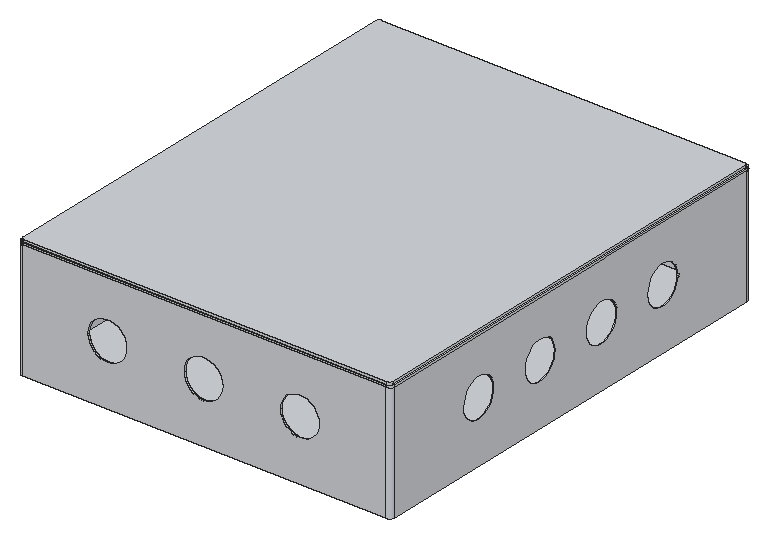
Revit family "Building-SurfaceMountingEnclosures-GEWISS-44CE-JUNCTION-BOXES-WALL-MOUNTING_14HOLES", category Apparecchi elettrici, host Superficie, Revit 2016
Family settings
  Host = Superficie
  Mantenere orientamento annotazione = Sì
  Tipo di parte = Normale
  Quota connettore circolare = Usa diametro
  Numero OmniClass = 23.80.30.14.24
  Titolo OmniClass = Junction Boxes
  Taglio con vuoti quando caricato = No
  Condiviso = No
  Punto di calcolo locali = Sì
Parameters (values of type "GW44061 - JUNCT.BOX GL.460X320X120 IP55 GWT960")
  Walls = "With cable glands"
  Voltaggio_x = 0 V
  Version file RFA = "18.0"
  VISTA DI PIANTA [instance] = yes
  URL = "https://www.gewiss.com/ww/en"
  Type of material = ""
  Torque screws tightening = "1,8NM"
  Thermo-pressure with ball = "85 °C"
  Technical sheet = "https://www.gewiss.com/ww/en/search?q=GW44061"
  Spostamento_x [instance] = 0 mm
  Spostamento_effettivo_x [instance] = 4000 mm - Spostamento_x  # 4000 mm
  Shock resistance = "IK08"
  SIMBOLO [instance] = yes
  SEO = "Box"
  Realized by GEWISS S.p.A. = ""
  Raggio = 20 mm
  Produttore = "GEWISS S.p.A."
  Operating temperature = "-25 +60 °C"
  Numero di poli = 3
  Material = "Technopolymer GWPLAST 75"
  Lid screws (no. and type) = "4 insul. sealable hinged"
  Lid = "Plain screwed"
  Internal dim. LxHxD (mm) = "460x380x120"
  Insulation class = "II (according to IEC 61140 standards)"
  Immagine tipo = GW44061.jpg
  Scatola = none
  Modello = "GW44061"
  IP degree = "IP55"
  IDT = "1bef6471-8e2d-4dfc-87b3-9fc971884851"
  IDF = "6a286b3a-0305-4d62-b647-096e34d300df"
  Glow Wire Test = "960°C"
  Entries No. holes / Ã˜ = "14 / 48"
  Electrocod = "02210"
  EAN code = "8011564243866"
  Distanza orizzontale simbolo [instance] = 0 mm
  Distanza dal muro [instance] = 0 mm
  Default Elevation = 1219.2 mm
  Lunghezza_interna = 380 mm
  Larghezza_interna = 460 mm
  Spessore = 120 mm
  Diametro ingresso corugato = 40 mm  # constant formula
  Descrizione = "JUNCT.BOX GL.460X320X120 IP55 GWT960"
  Coperchio = none
  Colour = "Grey RAL 7035"
  Classificazione = Other
  Catalogue Range = "44 CE"
  Catalogue = "BUILDING"
  Carico apparente = 0 VA
  CORNICE SIMBOLO [instance] = no
  COBie.Tagnumber = ""
  COBie.CreatedOn = ""
  COBie.CreatebBy = ""
  COBie.ComponentRegisterItemID = ""
  COBie.Component.TagNumber = ""
  COBie.Component.Space = ""
  COBie.Component.SerialNumber = ""
  COBie.Component.InstallationDate = ""
  COBie.Component.Description = ""
  COBie.Component.BarCode = ""
  Application = "Special uses"
  Accessories for insulation restoring = "GW44621"
Types (2, lengths in mm): name | Type of material | Technical sheet | Lid screws (no. and type) | Modello | IDT | Glow Wire Test | EAN code | Descrizione | Application
  GW44011 - JUNCTION BOX+C.GLANDS 460X380X120 IP55 | "Halogen-free in compliance with EN 60754-2" | "https://www.gewiss.com/ww/en/search?q=GW44011" | "6 insul. sealable hinged" | "GW44011" | "7a906bc1-c9de-426b-a39d-aac5153d0f97" | "650°C" | "8011564013766" | "JUNCTION BOX+C.GLANDS 460X380X120 IP55" | "Ordinary junctions"
  GW44061 - JUNCT.BOX GL.460X320X120 IP55 GWT960 | "" | "https://www.gewiss.com/ww/en/search?q=GW44061" | "4 insul. sealable hinged" | "GW44061" | "1bef6471-8e2d-4dfc-87b3-9fc971884851" | "960°C" | "8011564243866" | "JUNCT.BOX GL.460X320X120 IP55 GWT960" | "Special uses"
Reference planes
  plane 1 "Centro (Fronte/Retro)": y = 0
  plane 2 "base muro": z = 0
  plane 3 "Centro (Sinistra/Destra)": x = 0
  plane 4: x = -191.081
  plane 5: y = 231.081
  plane 6: x = 191.081
  plane 7: y = -231.081
  plane 8: y = 230
  plane 9: x = -190
  plane 10: y = -230
  plane 11: x = 190
  plane 12: y = 235.081
  plane 13: x = 195.081
  plane 14: y = -235.081
  plane 15: x = -195.081
  plane 16: z = 120
  plane 17: z = 1
  plane 18: z = 124
  plane 19: y = 39.333
  plane 20: y = -39.333
  plane 21: z = 62.5
  plane 22: x = 0
  plane 23: y = -118
  plane 24: y = 118
  plane 25: x = -98.763
  plane 26: x = 98.763
  plane 27: x = -4000
  plane 28: through (-1012.94, -373.614, 1219.2) normal (-0.891, 0.454, 0)
  plane 29: through (-1340.908, 787.715, 1219.2) normal (0.8192, 0.5736, 0)
Forms (mm)
  Extrusion 1, solid, material <- "Scatola"
    sketch origin (0, 0, 0) x (1, 0, 0) y (0, 1, 0)
      loop
        arc (-185.934, 231.081) -> (-189.573, 229.573) -> (-191.081, 225.934) r 5.147
        line (-191.081, 225.934) -> (-191.081, -225.934)
        arc (-191.081, -225.934) -> (-189.573, -229.573) -> (-185.934, -231.081) r 5.147
        line (-185.934, -231.081) -> (185.934, -231.081)
        arc (185.934, -231.081) -> (189.573, -229.573) -> (191.081, -225.934) r 5.147
        line (191.081, -225.934) -> (191.081, 225.934)
        arc (191.081, 225.934) -> (189.573, 229.573) -> (185.934, 231.081) r 5.147
        line (185.934, 231.081) -> (-185.934, 231.081)
      loop
        arc (-185.934, 230) -> (-188.809, 228.809) -> (-190, 225.934) r 4.066
        line (-190, 225.934) -> (-190, -225.934)
        arc (-190, -225.934) -> (-188.809, -228.809) -> (-185.934, -230) r 4.066
        line (-185.934, -230) -> (185.936, -230)
        arc (185.936, -230) -> (188.81, -228.809) -> (190.001, -225.935) r 4.065
        line (190.001, -225.935) -> (190.001, 225.934)
        arc (190.001, 225.934) -> (188.81, 228.809) -> (185.934, 230) r 4.066
        line (185.934, 230) -> (-185.934, 230)
    from 0 to 120
  Extrusion 2, solid, material <- "Scatola"
    sketch origin (0, 0, 0) x (1, 0, 0) y (0, 1, 0)
      loop
        arc (-185.934, 230) -> (-188.809, 228.809) -> (-190, 225.934) r 4.066
        line (-190, 225.934) -> (-190, -225.934)
        arc (-190, -225.934) -> (-188.809, -228.809) -> (-185.934, -230) r 4.066
        line (-185.934, -230) -> (185.936, -230)
        arc (185.936, -230) -> (188.81, -228.809) -> (190.001, -225.935) r 4.065
        line (190.001, -225.935) -> (190.001, 225.934)
        arc (190.001, 225.934) -> (188.81, 228.809) -> (185.934, 230) r 4.066
        line (185.934, 230) -> (-185.934, 230)
    from 0 to 1
  Extrusion 3, solid, material <- "Coperchio"
    sketch origin (0, 0, 0) x (1, 0, 0) y (0, 1, 0)
      loop
        line (-185.934, -231.081) -> (185.934, -231.081)
        arc (185.934, -231.081) -> (189.573, -229.573) -> (191.081, -225.934) r 5.147
        line (191.081, -225.934) -> (191.081, 225.934)
        arc (191.081, 225.934) -> (189.573, 229.573) -> (185.934, 231.081) r 5.147
        line (185.934, 231.081) -> (-185.934, 231.081)
        arc (-185.934, 231.081) -> (-189.573, 229.573) -> (-191.081, 225.934) r 5.147
        line (-191.081, 225.934) -> (-191.081, -225.934)
        arc (-191.081, -225.934) -> (-189.573, -229.573) -> (-185.934, -231.081) r 5.147
    from 120 to 124
  Sweep 4, void
    path in 3D
      loop
        arc (-191.081, -225.934, 124) -> (-189.573, -229.573, 124) -> (-185.934, -231.081, 124) r 5.147
        line (-185.934, -231.081, 124) -> (185.934, -231.081, 124)
        arc (185.934, -231.081, 124) -> (189.573, -229.573, 124) -> (191.081, -225.934, 124) r 5.147
        line (191.081, -225.934, 124) -> (191.081, 225.934, 124)
        arc (191.081, 225.934, 124) -> (189.573, 229.573, 124) -> (185.934, 231.081, 124) r 5.147
        line (185.934, 231.081, 124) -> (-185.934, 231.081, 124)
        arc (-185.934, 231.081, 124) -> (-189.573, 229.573, 124) -> (-191.081, 225.934, 124) r 5.147
        line (-191.081, 225.934, 124) -> (-191.081, -225.934, 124)
    profile origin (-191.081, 0, 124) x (1, 0, 0) y (0, 0, 1)
      loop
        line (0, 0) -> (0, -2.128) -> (1.706, -2.128) -> (1.706, 0) -> (0, 0)
  Extrusion 5, void
    sketch origin (0, 0, 0) x (0, 1, 0) y (0, 0, 1)
      loop
        circle (-39.333, 62.5) r 20
      loop
        circle (39.333, 62.5) r 20
      loop
        circle (118, 62.5) r 20
      loop
        circle (-118, 62.5) r 20
    from -191.081 to 191.081
  Extrusion 6, void
    sketch origin (0, 0, 0) x (1, 0, 0) y (0, 0, 1)
      loop
        circle (-98.763, 62.5) r 20
      loop
        circle (98.763, 62.5) r 20
      loop
        circle (0, 62.5) r 20
    from -235.081 to 235.081
Cuts and joins
  Sweep 4 cuts Extrusion 3
  Extrusion 5, Extrusion 6 cuts Extrusion 1
Lines and regions (mm)
  Masking region 1, visible <- "VISTA DI PIANTA"
    outline origin (0, 0, 0) x (1, 0, 0) y (0, 0, 1)
      loop
        line (-191.081, 124) -> (-191.081, 0) -> (191.081, 0) -> (191.081, 124) -> (-191.081, 124)
  Masking region 2
    outline origin (0, 0, 0) x (0, 1, 0) y (0, 0, 1)
      loop
        line (-231.081, 0) -> (231.081, 0) -> (231.081, 124) -> (-231.081, 124) -> (-231.081, 0)
  Masking region 3
    outline origin (0, 0, 0) x (0, 1, 0) y (0, 0, 1)
      loop
        circle (-118, 62.5) r 20
      loop
        circle (-39.333, 62.5) r 20
      loop
        circle (39.333, 62.5) r 20
      loop
        circle (118, 62.5) r 20
  sketch lines
    curve 1: line (-191.081, 225.934, 124) -> (-191.081, -225.934, 124)
    curve 2: arc (-185.934, -231.081, 124) -> (-189.573, -229.573, 124) -> (-191.081, -225.934, 124) r 5.147
    curve 3: line (-185.934, -231.081, 124) -> (185.934, -231.081, 124)
    curve 4: arc (191.081, -225.934, 124) -> (189.573, -229.573, 124) -> (185.934, -231.081, 124) r 5.147
    curve 5: line (191.081, -225.934, 124) -> (191.081, 225.934, 124)
    curve 6: arc (185.934, 231.081, 124) -> (189.573, 229.573, 124) -> (191.081, 225.934, 124) r 5.147
    curve 7: line (185.934, 231.081, 124) -> (-185.934, 231.081, 124)
    curve 8: arc (-191.081, 225.934, 124) -> (-189.573, 229.573, 124) -> (-185.934, 231.081, 124) r 5.147
Dimensions and locks
  locked: plane 4 to plane 9 at 1.081
  locked: plane 5 to plane 8 at 1.081
  locked: plane 10 to plane 7 at 1.081
  locked: plane 11 to plane 6 at 1.081
  locked: plane 7 to plane 14 at 4
  locked: plane 15 to plane 4 at 4
  locked: plane 6 to plane 13 at 4
  locked: plane 12 to plane 5 at 4
  equal spacing: plane 9, plane 3 "Centro (Sinistra/Destra)", plane 11
  "Lunghezza_interna": plane 9 to plane 11
  equal spacing: plane 8, plane 1 "Centro (Fronte/Retro)", plane 10
  "Larghezza_interna": plane 8 to plane 10
  "Spessore": plane 16 to host face
  locked: plane 18 to plane 16 at 4
  equal spacing: plane 18, plane 21, plane 17
  equal spacing: plane 23, plane 20, plane 19, plane 24
  equal spacing: plane 23, plane 1 "Centro (Fronte/Retro)", plane 24
  equal spacing: plane 26, plane 3 "Centro (Sinistra/Destra)", plane 25
  plane 27 to plane 3 "Centro (Sinistra/Destra)" = 4000 mm
  "Spostamento_effettivo_x": plane 27 to plane 22
  "Raggio": radius of Extrusion 5 sketch curve  (x4)
  "Raggio": radius of Extrusion 6 sketch curve  (x3)
  angle plane 28 to plane 29 = 62.00°
  angle plane 27 to plane 29 = 35.00°
  angle plane 28 to plane 27 = 27.00°
  angle plane 3 "Centro (Sinistra/Destra)" to plane 29 = 35.00°
  aligned and locked: plane 2 "base muro" to host face
  aligned and locked: level to host face
  aligned and locked: Extrusion 1 sketch curve to plane 5
  aligned and locked: Extrusion 1 sketch curve to plane 4
  aligned and locked: Extrusion 1 sketch curve to plane 7
  aligned and locked: Extrusion 1 sketch curve to plane 6
  aligned and locked: Extrusion 1 sketch curve to plane 8
  aligned and locked: Extrusion 1 sketch curve to plane 9
  aligned and locked: Extrusion 1 sketch curve to plane 10
  aligned and locked: Extrusion 2 sketch curve to Extrusion 1  (x4)
  aligned and locked: plane 17 to Extrusion 2
  aligned and locked: Extrusion 3 sketch curve to Extrusion 1  (x4)
  aligned and locked: Extrusion 3 to plane 16
  aligned and locked: plane 18 to Extrusion 3
  aligned and locked: plane 21 to Extrusion 5 sketch curve  (x3)
  aligned and locked: plane 20 to Extrusion 5 sketch curve
  aligned and locked: plane 19 to Extrusion 5 sketch curve
  aligned and locked: Extrusion 5 to plane 4
  aligned and locked: Extrusion 5 to plane 6
  aligned and locked: plane 21 to Extrusion 6 sketch curve  (x2)
  aligned and locked: Extrusion 6 to plane 12
  aligned and locked: Extrusion 6 to plane 14
  aligned and locked: Masking region 1 sketch curve to plane 18
  aligned and locked: Masking region 1 sketch curve to cut or joined group of Extrusion 1, Extrusion 5, Extrusion 6  (x2)
  aligned and locked: Masking region 1 sketch curve to plane 4
  aligned and locked: Masking region 2 sketch curve to cut or joined group of Extrusion 1, Extrusion 5, Extrusion 6  (x2)
  aligned and locked: plane 18 to Masking region 2 sketch curve
  aligned and locked: plane 5 to Masking region 2 sketch curve
  aligned and locked: plane 22 to nested 2
  aligned and locked: plane 24 to Extrusion 5 sketch curve
  aligned and locked: plane 23 to Extrusion 5 sketch curve
  aligned and locked: Masking region 3 sketch curve to cut or joined group of Extrusion 1, Extrusion 5, Extrusion 6  (x8)
  aligned and locked: plane 3 "Centro (Sinistra/Destra)" to Extrusion 6 sketch curve
  aligned and locked: plane 25 to Extrusion 6 sketch curve
  aligned and locked: plane 26 to Extrusion 6 sketch curve
Automatic sketch dimensions
  host sketch curve to host sketch curve = 2438.4 mm  (x2)
  Extrusion 1 sketch curve to plane 4 = 5.147 mm  (x2)
  plane 6 to Extrusion 1 sketch curve = 5.147 mm
  Extrusion 1 sketch curve to plane 5 = 5.147 mm
  Extrusion 1 sketch curve to Extrusion 1 sketch curve = 0 mm  (x2)
  Extrusion 1 sketch curve to Extrusion 1 sketch curve = 0.001 mm  (x2)
  Extrusion 1 sketch curve to plane 8 = 4.066 mm
  plane 9 to Extrusion 2 sketch curve = 4.066 mm
  Extrusion 2 sketch curve to plane 11 = 4.066 mm
  plane 10 to Extrusion 2 sketch curve = 4.066 mm
  Extrusion 2 sketch curve to plane 11 = 4.064 mm
  plane 9 to Extrusion 3 sketch curve = 4.066 mm
  Extrusion 3 sketch curve to plane 11 = 4.066 mm
  Extrusion 3 sketch curve to plane 8 = 4.066 mm  (x2)
  profile plane to Sweep 4 sketch curve = 0 mm
  Sweep 4 sketch curve to profile plane = 0 mm
  Sweep 4 sketch curve to Sweep 4 sketch curve = 1.706 mm
  Sweep 4 sketch curve to profile plane = 2.128 mm
  Extrusion 5 sketch curve to plane 21 = 0 mm
  Extrusion 6 sketch curve to plane 21 = 0 mm
Nested families
  nested 1: "Elemento di dettaglio - 44CE-14IN" at (0, 0, 0), type "Elemento di dettaglio - 44CE-14IN"
  nested 2: "CASSDERIVAZPARPASS" at (0, -1.1, 0), Distanza dal muro <- "Distanza dal muro", BORDO ACCESO <- "CORNICE SIMBOLO", SIMBOLO ACCESO <- "SIMBOLO", type "CASSETTA"
    with SIMBOLO ACCESO yes, Distanza dal muro 0 mm, BORDO ACCESO no
Connectors
  electrical at (0, 0, 0), driven by "Classificazione", driven by "Voltaggio_x", driven by "Carico apparente", driven by "Numero di poli"
    settings: on Extrusion 1, index 1, voltage 0 V, apparent load 0 VA, apparent load phase1 0 VA, apparent load phase2 0 VA, apparent load phase3 0 VA, power factor 1, load classification "Other", number of poles 3, system type 31, power factor state 1, is connector primary yes, connector utility no, sub classification motor no, connector description ""
  cabletrayconduit at (191.081, 39.333, 62.5), diameter 40, driven by "Diametro ingresso corugato"
    settings: on cut or joined group of Extrusion 1, Extrusion 5, Extrusion 6, index 33, connector width 300 mm, connector height 300 mm, connector angle 0.00°, system type 32, placement type 0, profile type 0, connector reference index -1, is primary connector yes, connector utility param no, connector description ""
  cabletrayconduit at (191.081, -118, 62.5), diameter 40, driven by "Diametro ingresso corugato"
    settings: on cut or joined group of Extrusion 1, Extrusion 5, Extrusion 6, index 34, connector width 300 mm, connector height 300 mm, connector angle 0.00°, system type 32, placement type 0, profile type 0, connector reference index -1, is primary connector no, connector utility param no, connector description ""
  cabletrayconduit at (191.081, -39.333, 62.5), diameter 40, driven by "Diametro ingresso corugato"
    settings: on cut or joined group of Extrusion 1, Extrusion 5, Extrusion 6, index 35, connector width 300 mm, connector height 300 mm, connector angle 0.00°, system type 32, placement type 0, profile type 0, connector reference index -1, is primary connector no, connector utility param no, connector description ""
  cabletrayconduit at (191.081, 39.333, 62.5), diameter 40, driven by "Diametro ingresso corugato"
    settings: on cut or joined group of Extrusion 1, Extrusion 5, Extrusion 6, index 36, connector width 300 mm, connector height 300 mm, connector angle 0.00°, system type 32, placement type 0, profile type 0, connector reference index -1, is primary connector no, connector utility param no, connector description ""
  cabletrayconduit at (191.081, 118, 62.5), diameter 40, driven by "Diametro ingresso corugato"
    settings: on cut or joined group of Extrusion 1, Extrusion 5, Extrusion 6, index 37, connector width 300 mm, connector height 300 mm, connector angle 0.00°, system type 32, placement type 0, profile type 0, connector reference index -1, is primary connector no, connector utility param no, connector description ""
  cabletrayconduit at (98.763, 231.081, 62.5), diameter 40, driven by "Diametro ingresso corugato"
    settings: on cut or joined group of Extrusion 1, Extrusion 5, Extrusion 6, index 38, connector width 300 mm, connector height 300 mm, connector angle 0.00°, system type 32, placement type 0, profile type 0, connector reference index -1, is primary connector no, connector utility param no, connector description ""
  cabletrayconduit at (0, 231.081, 62.5), diameter 40, driven by "Diametro ingresso corugato"
    settings: on cut or joined group of Extrusion 1, Extrusion 5, Extrusion 6, index 39, connector width 300 mm, connector height 300 mm, connector angle 0.00°, system type 32, placement type 0, profile type 0, connector reference index -1, is primary connector no, connector utility param no, connector description ""
  cabletrayconduit at (-98.763, 231.081, 62.5), diameter 40, driven by "Diametro ingresso corugato"
    settings: on cut or joined group of Extrusion 1, Extrusion 5, Extrusion 6, index 40, connector width 300 mm, connector height 300 mm, connector angle 0.00°, system type 32, placement type 0, profile type 0, connector reference index -1, is primary connector no, connector utility param no, connector description ""
  cabletrayconduit at (-191.081, -118, 62.5), diameter 40, driven by "Diametro ingresso corugato"
    settings: on cut or joined group of Extrusion 1, Extrusion 5, Extrusion 6, index 41, connector width 300 mm, connector height 300 mm, connector angle 0.00°, system type 32, placement type 0, profile type 0, connector reference index -1, is primary connector no, connector utility param no, connector description ""
  cabletrayconduit at (-191.081, -39.333, 62.5), diameter 40, driven by "Diametro ingresso corugato"
    settings: on cut or joined group of Extrusion 1, Extrusion 5, Extrusion 6, index 42, connector width 300 mm, connector height 300 mm, connector angle 0.00°, system type 32, placement type 0, profile type 0, connector reference index -1, is primary connector no, connector utility param no, connector description ""
  cabletrayconduit at (-191.081, 39.333, 62.5), diameter 40, driven by "Diametro ingresso corugato"
    settings: on cut or joined group of Extrusion 1, Extrusion 5, Extrusion 6, index 43, connector width 300 mm, connector height 300 mm, connector angle 0.00°, system type 32, placement type 0, profile type 0, connector reference index -1, is primary connector no, connector utility param no, connector description ""
  cabletrayconduit at (-191.081, 118, 62.5), diameter 40, driven by "Diametro ingresso corugato"
    settings: on cut or joined group of Extrusion 1, Extrusion 5, Extrusion 6, index 44, connector width 300 mm, connector height 300 mm, connector angle 0.00°, system type 32, placement type 0, profile type 0, connector reference index -1, is primary connector no, connector utility param no, connector description ""
  cabletrayconduit at (0, -231.081, 62.5), diameter 40, driven by "Diametro ingresso corugato"
    settings: on cut or joined group of Extrusion 1, Extrusion 5, Extrusion 6, index 45, connector width 300 mm, connector height 300 mm, connector angle 0.00°, system type 32, placement type 0, profile type 0, connector reference index -1, is primary connector no, connector utility param no, connector description ""
  cabletrayconduit at (98.763, -231.081, 62.5), diameter 40, driven by "Diametro ingresso corugato"
    settings: on cut or joined group of Extrusion 1, Extrusion 5, Extrusion 6, index 46, connector width 300 mm, connector height 300 mm, connector angle 0.00°, system type 32, placement type 0, profile type 0, connector reference index -1, is primary connector no, connector utility param no, connector description ""
  cabletrayconduit at (-98.763, -231.081, 62.5), diameter 40, driven by "Diametro ingresso corugato"
    settings: on cut or joined group of Extrusion 1, Extrusion 5, Extrusion 6, index 47, connector width 300 mm, connector height 300 mm, connector angle 0.00°, system type 32, placement type 0, profile type 0, connector reference index -1, is primary connector no, connector utility param no, connector description ""
Definition of nested family "Elemento di dettaglio - 44CE-14IN"
  Reference planes
    plane 1 "Centro (Fronte/Retro)": y = 0
    plane 2: z = 0
    plane 3 "Centro (Sinistra/Destra)": x = 0
  Lines and regions (mm)
    detail lines, in view "Livello rif."
      curve 1: arc (198.537, 227.781, 0) -> (195.679, 234.679, 0) -> (188.781, 237.537, 0) r 9.756
      curve 2: arc (-188.781, 237.537, 0) -> (-195.679, 234.679, 0) -> (-198.537, 227.781, 0) r 9.756
      curve 3: arc (188.781, -237.591, 0) -> (195.679, -234.733, 0) -> (198.537, -227.835, 0) r 9.756
      curve 5: arc (-198.537, -227.835, 0) -> (-195.679, -234.733, 0) -> (-188.781, -237.591, 0) r 9.756
      curve 39: line (-188.781, -237.591, 0) -> (188.781, -237.591, 0)
      curve 60: line (198.537, 227.781, 0) -> (198.537, -227.835, 0)
      curve 62: line (-198.537, 227.781, 0) -> (-198.537, -227.835, 0)
      curve 72: line (-188.781, 237.537, 0) -> (188.781, 237.537, 0)
    detail lines, in view "Livello rif.", detail levels medium+fine
      curve 4: arc (188.781, -234.176, 0) -> (193.265, -232.319, 0) -> (195.122, -227.835, 0) r 6.341
      curve 6: arc (-195.122, -227.835, 0) -> (-193.265, -232.319, 0) -> (-188.781, -234.176, 0) r 6.341
      curve 24: arc (-188.781, 234.122, 0) -> (-193.265, 232.265, 0) -> (-195.122, 227.781, 0) r 6.341
      curve 26: arc (195.122, 227.781, 0) -> (193.265, 232.265, 0) -> (188.781, 234.122, 0) r 6.341
      curve 40: line (-188.781, -234.176, 0) -> (188.781, -234.176, 0)
      curve 61: line (195.122, 227.781, 0) -> (195.122, -227.835, 0)
      curve 63: line (-195.122, 227.781, 0) -> (-195.122, -227.835, 0)
      curve 73: line (-188.781, 234.122, 0) -> (188.781, 234.122, 0)
    detail lines, in view "Livello rif.", detail levels fine
      curve 7: arc (-167.073, -240.013, 0) -> (-166.173, -242.179, 0) -> (-164.007, -243.079, 0) r 3.073
      curve 8: arc (-36.007, -243.079, 0) -> (-33.83, -242.181, 0) -> (-32.927, -240.005, 0) r 3.073
      curve 9: arc (-67.073, -240.013, 0) -> (-66.173, -242.179, 0) -> (-64.007, -243.079, 0) r 3.073
      curve 10: arc (-136.007, -243.079, 0) -> (-133.83, -242.181, 0) -> (-132.927, -240.005, 0) r 3.073
      curve 11: arc (132.927, -240.013, 0) -> (133.827, -242.179, 0) -> (135.993, -243.079, 0) r 3.073
      curve 12: arc (163.993, -243.079, 0) -> (166.17, -242.181, 0) -> (167.073, -240.005, 0) r 3.073
      curve 13: arc (-204.025, -85.007, 0) -> (-203.125, -87.173, 0) -> (-200.959, -88.073, 0) r 3.073
      curve 14: arc (-200.952, -53.927, 0) -> (-203.127, -54.83, 0) -> (-204.025, -57.007, 0) r 3.073
      curve 15: arc (-204.024, -14.007, 0) -> (-203.124, -16.173, 0) -> (-200.959, -17.073, 0) r 3.073
      curve 16: arc (-200.951, 17.073, 0) -> (-203.127, 16.17, 0) -> (-204.024, 13.993, 0) r 3.073
      curve 17: arc (-204.024, 56.993, 0) -> (-203.122, 54.824, 0) -> (-200.951, 53.927, 0) r 3.073
      curve 18: arc (-200.944, 88.073, 0) -> (-203.124, 87.173, 0) -> (-204.024, 84.993, 0) r 3.073
      curve 19: arc (200.945, -88.073, 0) -> (203.123, -87.176, 0) -> (204.025, -85, 0) r 3.073
      curve 20: arc (204.025, -57, 0) -> (203.125, -54.827, 0) -> (200.952, -53.927, 0) r 3.073
      curve 21: arc (200.944, -17.073, 0) -> (203.122, -16.176, 0) -> (204.024, -14, 0) r 3.073
      curve 22: arc (204.024, 14, 0) -> (203.124, 16.173, 0) -> (200.951, 17.073, 0) r 3.073
      curve 23: arc (200.951, 53.927, 0) -> (203.124, 54.827, 0) -> (204.024, 57, 0) r 3.073
      curve 25: arc (204.024, 85, 0) -> (203.127, 87.17, 0) -> (200.959, 88.073, 0) r 3.073
      curve 27: arc (-169.78, 243.024, 0) -> (-171.956, 242.122, 0) -> (-172.853, 239.944, 0) r 3.073
      curve 28: arc (-32.927, 239.951, 0) -> (-33.827, 242.124, 0) -> (-36, 243.024, 0) r 3.073
      curve 29: arc (-138.707, 239.951, 0) -> (-139.607, 242.124, 0) -> (-141.78, 243.024, 0) r 3.073
      curve 30: arc (-64, 243.024, 0) -> (-66.176, 242.122, 0) -> (-67.073, 239.944, 0) r 3.073
      curve 31: arc (143.02, 243.024, 0) -> (140.844, 242.122, 0) -> (139.946, 239.944, 0) r 3.073
      curve 32: arc (174.093, 239.951, 0) -> (173.192, 242.124, 0) -> (171.019, 243.024, 0) r 3.073
      curve 33: line (174.093, 239.951, 0) -> (174.093, 237.537, 0)
      curve 34: line (139.946, 239.944, 0) -> (139.946, 237.537, 0)
      curve 35: line (-32.927, 239.951, 0) -> (-32.927, 237.537, 0)
      curve 36: line (-172.853, 239.944, 0) -> (-172.853, 237.537, 0)
      curve 37: line (-138.707, 239.951, 0) -> (-138.707, 237.537, 0)
      curve 38: line (-67.073, 239.944, 0) -> (-67.073, 237.537, 0)
      curve 41: line (-136.007, -243.079, 0) -> (-164.007, -243.079, 0)
      curve 42: line (-167.073, -240.013, 0) -> (-167.073, -237.591, 0)
      curve 43: line (-67.073, -240.013, 0) -> (-67.073, -237.591, 0)
      curve 44: line (-67.073, -237.591, 0) -> (-68.223, -237.591, 0)
      curve 45: line (-64.007, -243.079, 0) -> (-36.007, -243.079, 0)
      curve 46: line (-132.927, -240.005, 0) -> (-132.927, -237.591, 0)
      curve 47: line (-32.928, -239.828, 0) -> (-32.928, -237.413, 0)
      curve 48: line (135.993, -243.079, 0) -> (163.993, -243.079, 0)
      curve 49: line (132.927, -240.013, 0) -> (132.927, -237.591, 0)
      curve 50: line (167.073, -240.005, 0) -> (167.073, -237.591, 0)
      curve 51: line (-200.944, 88.073, 0) -> (-198.537, 88.073, 0)
      curve 52: line (-200.951, 53.927, 0) -> (-198.537, 53.927, 0)
      curve 53: line (-200.951, 17.073, 0) -> (-198.537, 17.073, 0)
      curve 54: line (-200.959, -17.073, 0) -> (-198.537, -17.073, 0)
      curve 55: line (-200.952, -53.927, 0) -> (-198.537, -53.927, 0)
      curve 56: line (-200.959, -88.073, 0) -> (-198.537, -88.073, 0)
      curve 57: line (-204.024, 13.993, 0) -> (-204.024, -14.007, 0)
      curve 58: line (-204.025, -57.007, 0) -> (-204.025, -85.007, 0)
      curve 59: line (-204.024, 56.993, 0) -> (-204.024, 84.993, 0)
      curve 64: line (204.024, 14, 0) -> (204.024, -14, 0)
      curve 65: line (204.025, -57, 0) -> (204.025, -85, 0)
      curve 66: line (200.945, -88.073, 0) -> (198.538, -88.073, 0)
      curve 67: line (200.952, -53.927, 0) -> (198.538, -53.927, 0)
      curve 68: line (200.944, -17.073, 0) -> (198.537, -17.073, 0)
      curve 69: line (204.024, 57, 0) -> (204.024, 85, 0)
      curve 70: line (200.951, 17.073, 0) -> (198.537, 17.073, 0)
      curve 71: line (200.951, 53.927, 0) -> (198.537, 53.927, 0)
      curve 74: line (198.537, 88.073, 0) -> (200.959, 88.073, 0)
      curve 75: line (200.959, 88.073, 0) -> (198.537, 88.073, 0)
      curve 76: line (-141.78, 243.024, 0) -> (-169.78, 243.024, 0)
      curve 77: line (-64, 243.024, 0) -> (-36, 243.024, 0)
      curve 78: line (143.02, 243.024, 0) -> (171.019, 243.024, 0)
      curve 157: arc (36.007, -243.079, 0) -> (33.83, -242.181, 0) -> (32.927, -240.005, 0) r 3.073
      curve 158: arc (67.073, -240.013, 0) -> (66.173, -242.179, 0) -> (64.007, -243.079, 0) r 3.073
      curve 159: arc (32.927, 239.951, 0) -> (33.827, 242.124, 0) -> (36, 243.024, 0) r 3.073
      curve 160: arc (64, 243.024, 0) -> (66.176, 242.122, 0) -> (67.073, 239.944, 0) r 3.073
      curve 161: line (32.927, 239.951, 0) -> (32.927, 237.537, 0)
      curve 162: line (67.073, 239.944, 0) -> (67.073, 237.537, 0)
      curve 163: line (67.073, -240.013, 0) -> (67.073, -237.591, 0)
      curve 164: line (67.073, -237.591, 0) -> (68.223, -237.591, 0)
      curve 165: line (64.007, -243.079, 0) -> (36.007, -243.079, 0)
      curve 166: line (32.928, -239.828, 0) -> (32.928, -237.413, 0)
      curve 167: line (64, 243.024, 0) -> (36, 243.024, 0)
    detail lines, in view "Livello rif.", not visible
      curve 79: arc (198.537, 227.781, 0) -> (195.679, 234.679, 0) -> (188.781, 237.537, 0) r 9.756
      curve 80: arc (-188.781, 237.537, 0) -> (-195.679, 234.679, 0) -> (-198.537, 227.781, 0) r 9.756
      curve 81: arc (188.781, -237.591, 0) -> (195.679, -234.733, 0) -> (198.537, -227.835, 0) r 9.756
      curve 83: arc (-198.537, -227.835, 0) -> (-195.679, -234.733, 0) -> (-188.781, -237.591, 0) r 9.756
      curve 117: line (-188.781, -237.591, 0) -> (188.781, -237.591, 0)
      curve 138: line (198.537, 227.781, 0) -> (198.537, -227.835, 0)
      curve 140: line (-198.537, 227.781, 0) -> (-198.537, -227.835, 0)
      curve 150: line (-188.781, 237.537, 0) -> (188.781, 237.537, 0)
    detail lines, in view "Livello rif.", not visible, detail levels medium+fine
      curve 82: arc (188.781, -234.176, 0) -> (193.265, -232.319, 0) -> (195.122, -227.835, 0) r 6.341
      curve 84: arc (-195.122, -227.835, 0) -> (-193.265, -232.319, 0) -> (-188.781, -234.176, 0) r 6.341
      curve 102: arc (-188.781, 234.122, 0) -> (-193.265, 232.265, 0) -> (-195.122, 227.781, 0) r 6.341
      curve 104: arc (195.122, 227.781, 0) -> (193.265, 232.265, 0) -> (188.781, 234.122, 0) r 6.341
      curve 118: line (-188.781, -234.176, 0) -> (188.781, -234.176, 0)
      curve 139: line (195.122, 227.781, 0) -> (195.122, -227.835, 0)
      curve 141: line (-195.122, 227.781, 0) -> (-195.122, -227.835, 0)
      curve 151: line (-188.781, 234.122, 0) -> (188.781, 234.122, 0)
    detail lines, in view "Livello rif.", not visible, detail levels fine
      curve 85: arc (-167.073, -240.013, 0) -> (-166.173, -242.179, 0) -> (-164.007, -243.079, 0) r 3.073
      curve 86: arc (-36.007, -243.079, 0) -> (-33.83, -242.181, 0) -> (-32.927, -240.005, 0) r 3.073
      curve 87: arc (-67.073, -240.013, 0) -> (-66.173, -242.179, 0) -> (-64.007, -243.079, 0) r 3.073
      curve 88: arc (-136.007, -243.079, 0) -> (-133.83, -242.181, 0) -> (-132.927, -240.005, 0) r 3.073
      curve 89: arc (132.927, -240.013, 0) -> (133.827, -242.179, 0) -> (135.993, -243.079, 0) r 3.073
      curve 90: arc (163.993, -243.079, 0) -> (166.17, -242.181, 0) -> (167.073, -240.005, 0) r 3.073
      curve 91: arc (-204.025, -85.007, 0) -> (-203.125, -87.173, 0) -> (-200.959, -88.073, 0) r 3.073
      curve 92: arc (-200.952, -53.927, 0) -> (-203.127, -54.83, 0) -> (-204.025, -57.007, 0) r 3.073
      curve 93: arc (-204.024, -14.007, 0) -> (-203.124, -16.173, 0) -> (-200.959, -17.073, 0) r 3.073
      curve 94: arc (-200.951, 17.073, 0) -> (-203.127, 16.17, 0) -> (-204.024, 13.993, 0) r 3.073
      curve 95: arc (-204.024, 56.993, 0) -> (-203.122, 54.824, 0) -> (-200.951, 53.927, 0) r 3.073
      curve 96: arc (-200.944, 88.073, 0) -> (-203.124, 87.173, 0) -> (-204.024, 84.993, 0) r 3.073
      curve 97: arc (200.945, -88.073, 0) -> (203.123, -87.176, 0) -> (204.025, -85, 0) r 3.073
      curve 98: arc (204.025, -57, 0) -> (203.125, -54.827, 0) -> (200.952, -53.927, 0) r 3.073
      curve 99: arc (200.944, -17.073, 0) -> (203.122, -16.176, 0) -> (204.024, -14, 0) r 3.073
      curve 100: arc (204.024, 14, 0) -> (203.124, 16.173, 0) -> (200.951, 17.073, 0) r 3.073
      curve 101: arc (200.951, 53.927, 0) -> (203.124, 54.827, 0) -> (204.024, 57, 0) r 3.073
      curve 103: arc (204.024, 85, 0) -> (203.127, 87.17, 0) -> (200.959, 88.073, 0) r 3.073
      curve 105: arc (-169.78, 243.024, 0) -> (-171.956, 242.122, 0) -> (-172.853, 239.944, 0) r 3.073
      curve 106: arc (-32.927, 239.951, 0) -> (-33.827, 242.124, 0) -> (-36, 243.024, 0) r 3.073
      curve 107: arc (-138.707, 239.951, 0) -> (-139.607, 242.124, 0) -> (-141.78, 243.024, 0) r 3.073
      curve 108: arc (-64, 243.024, 0) -> (-66.176, 242.122, 0) -> (-67.073, 239.944, 0) r 3.073
      curve 109: arc (143.02, 243.024, 0) -> (140.844, 242.122, 0) -> (139.946, 239.944, 0) r 3.073
      curve 110: arc (174.093, 239.951, 0) -> (173.192, 242.124, 0) -> (171.019, 243.024, 0) r 3.073
      curve 111: line (174.093, 239.951, 0) -> (174.093, 237.537, 0)
      curve 112: line (139.946, 239.944, 0) -> (139.946, 237.537, 0)
      curve 113: line (-32.927, 239.951, 0) -> (-32.927, 237.537, 0)
      curve 114: line (-172.853, 239.944, 0) -> (-172.853, 237.537, 0)
      curve 115: line (-138.707, 239.951, 0) -> (-138.707, 237.537, 0)
      curve 116: line (-67.073, 239.944, 0) -> (-67.073, 237.537, 0)
      curve 119: line (-136.007, -243.079, 0) -> (-164.007, -243.079, 0)
      curve 120: line (-167.073, -240.013, 0) -> (-167.073, -237.591, 0)
      curve 121: line (-67.073, -240.013, 0) -> (-67.073, -237.591, 0)
      curve 122: line (-67.073, -237.591, 0) -> (-68.223, -237.591, 0)
      curve 123: line (-64.007, -243.079, 0) -> (-36.007, -243.079, 0)
      curve 124: line (-132.927, -240.005, 0) -> (-132.927, -237.591, 0)
      curve 125: line (-32.928, -239.828, 0) -> (-32.928, -237.413, 0)
      curve 126: line (135.993, -243.079, 0) -> (163.993, -243.079, 0)
      curve 127: line (132.927, -240.013, 0) -> (132.927, -237.591, 0)
      curve 128: line (167.073, -240.005, 0) -> (167.073, -237.591, 0)
      curve 129: line (-200.944, 88.073, 0) -> (-198.537, 88.073, 0)
      curve 130: line (-200.951, 53.927, 0) -> (-198.537, 53.927, 0)
      curve 131: line (-200.951, 17.073, 0) -> (-198.537, 17.073, 0)
      curve 132: line (-200.959, -17.073, 0) -> (-198.537, -17.073, 0)
      curve 133: line (-200.952, -53.927, 0) -> (-198.537, -53.927, 0)
      curve 134: line (-200.959, -88.073, 0) -> (-198.537, -88.073, 0)
      curve 135: line (-204.024, 13.993, 0) -> (-204.024, -14.007, 0)
      curve 136: line (-204.025, -57.007, 0) -> (-204.025, -85.007, 0)
      curve 137: line (-204.024, 56.993, 0) -> (-204.024, 84.993, 0)
      curve 142: line (204.024, 14, 0) -> (204.024, -14, 0)
      curve 143: line (204.025, -57, 0) -> (204.025, -85, 0)
      curve 144: line (200.945, -88.073, 0) -> (198.538, -88.073, 0)
      curve 145: line (200.952, -53.927, 0) -> (198.538, -53.927, 0)
      curve 146: line (200.944, -17.073, 0) -> (198.537, -17.073, 0)
      curve 147: line (204.024, 57, 0) -> (204.024, 85, 0)
      curve 148: line (200.951, 17.073, 0) -> (198.537, 17.073, 0)
      curve 149: line (200.951, 53.927, 0) -> (198.537, 53.927, 0)
      curve 152: line (198.537, 88.073, 0) -> (200.959, 88.073, 0)
      curve 153: line (200.959, 88.073, 0) -> (198.537, 88.073, 0)
      curve 154: line (-141.78, 243.024, 0) -> (-169.78, 243.024, 0)
      curve 155: line (-64, 243.024, 0) -> (-36, 243.024, 0)
      curve 156: line (143.02, 243.024, 0) -> (171.019, 243.024, 0)
      curve 168: arc (36.007, -243.079, 0) -> (33.83, -242.181, 0) -> (32.927, -240.005, 0) r 3.073
      curve 169: arc (67.073, -240.013, 0) -> (66.173, -242.179, 0) -> (64.007, -243.079, 0) r 3.073
      curve 170: arc (32.927, 239.951, 0) -> (33.827, 242.124, 0) -> (36, 243.024, 0) r 3.073
      curve 171: arc (64, 243.024, 0) -> (66.176, 242.122, 0) -> (67.073, 239.944, 0) r 3.073
      curve 172: line (32.927, 239.951, 0) -> (32.927, 237.537, 0)
      curve 173: line (67.073, 239.944, 0) -> (67.073, 237.537, 0)
      curve 174: line (67.073, -240.013, 0) -> (67.073, -237.591, 0)
      curve 175: line (67.073, -237.591, 0) -> (68.223, -237.591, 0)
      curve 176: line (64.007, -243.079, 0) -> (36.007, -243.079, 0)
      curve 177: line (32.928, -239.828, 0) -> (32.928, -237.413, 0)
      curve 178: line (64, 243.024, 0) -> (36, 243.024, 0)
Definition of nested family "CASSDERIVAZPARPASS"
  Parameters (values of type "CASSETTA")
    SIMBOLO ACCESO [instance] = yes
    Distanza dal muro [instance] = 0 mm
    BORDO ACCESO [instance] = yes
  Reference planes
    plane 1: y = 0
    plane 2: x = 0
  Dimensions and locks
    "Distanza dal muro": plane 1 to nested 1
    aligned and locked: plane 2 to nested 1
  Nested families
    nested 1: "CASSDERIVAZPARPASS_BASE" at (0, 0, 0), BORDO ACCESO <- "BORDO ACCESO", SIMBOLO ACCESO <- "SIMBOLO ACCESO", type "COPRIFORO"
      with BORDO ACCESO yes
  Definition of nested family "CASSDERIVAZPARPASS_BASE"
    Parameters (values of type "COPRIFORO")
      SIMBOLO ACCESO [instance] = yes
      Distanza dal muro = 4.208 mm
      BORDO ACCESO [instance] = yes
    Reference planes
      plane 1: y = 0
      plane 2: x = 0
    Lines and regions (mm)
      detail lines, visible <- "BORDO ACCESO"
        curve 1: line (-1, 2.5, 0) -> (1, 2.5, 0)
        curve 2: line (1, 2.5, 0) -> (1, 0, 0)
        curve 3: line (1, 0, 0) -> (-1, 0, 0)
        curve 4: line (-1, 0, 0) -> (-1, 2.5, 0)
        curve 5: line (-0.9, 2.4, 0) -> (0.9, 2.4, 0)
        curve 6: line (0.9, 2.4, 0) -> (0.9, 0.1, 0)
        curve 7: line (0.9, 0.1, 0) -> (-0.9, 0.1, 0)
        curve 8: line (-0.9, 0.1, 0) -> (-0.9, 2.4, 0)
      detail lines, visible <- "BORDO ACCESO", not visible
        curve 9: line (-2.443, 10.208, 0) -> (2.057, 10.208, 0)
        curve 10: line (2.057, 10.208, 0) -> (2.057, 4.208, 0)
        curve 11: line (2.057, 4.208, 0) -> (-2.443, 4.208, 0)
        curve 12: line (-2.443, 4.208, 0) -> (-2.443, 10.208, 0)
        curve 13: line (-2.043, 9.808, 0) -> (1.657, 9.808, 0)
        curve 14: line (1.657, 9.808, 0) -> (1.657, 4.608, 0)
        curve 15: line (1.657, 4.608, 0) -> (-2.043, 4.608, 0)
        curve 16: line (-2.043, 4.608, 0) -> (-2.043, 9.808, 0)
      detail lines, visible <- "SIMBOLO ACCESO"
        curve 17: line (-0.7, 1.95, 0) -> (0.7, 1.95, 0)
        curve 18: line (-0.7, 0.55, 0) -> (-0.7, 1.95, 0)
        curve 19: line (0.7, 0.55, 0) -> (-0.7, 0.55, 0)
        curve 20: line (0.7, 1.95, 0) -> (0.7, 0.55, 0)
        curve 21: circle (0, 1.25, 0) r 0.1 normal (0, 0, 1)
        curve 22: line (0.7, 1.568, 0) -> (0.891, 1.568, 0)
        curve 23: line (0.7, 0.933, 0) -> (0.891, 0.933, 0)
        curve 24: line (-0.7, 1.568, 0) -> (-0.891, 1.568, 0)
        curve 25: line (-0.7, 0.933, 0) -> (-0.891, 0.933, 0)
    Dimensions and locks
      aligned and locked: curve 3 to plane 1
